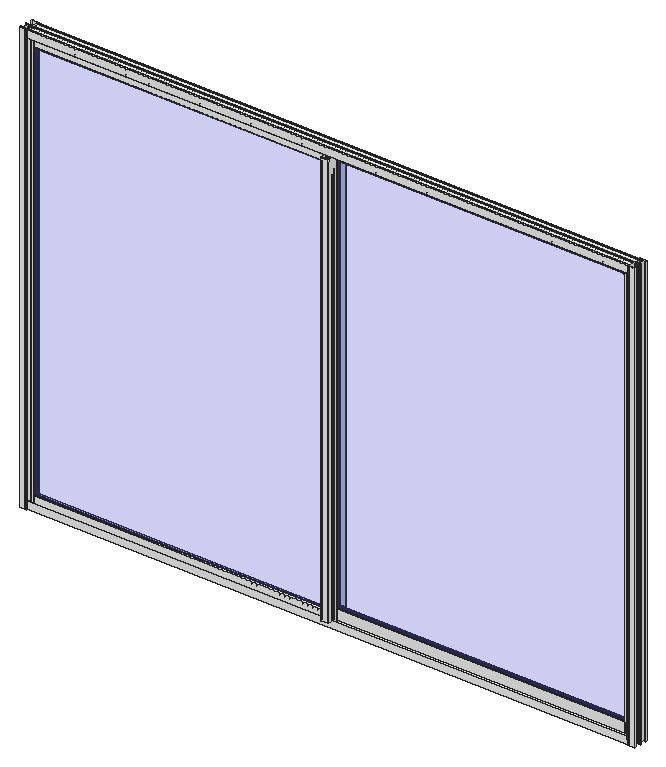
Revit family "700_XO_Standard", category Doors, host Wall, Revit 2014
Parameters (values of type "700-3021XO-1500Pa")
  Windload Design = if(Custom Windload < 1001 mm, 1000 mm, if(Custom Windload < 1501 mm, 1500 mm, 2000 mm))  # 1500 mm
  Width Sash Right [instance] = 1488.9 mm
  Width Sash Left [instance] = 1488.9 mm
  Width = if(Custom Door Width < Limit Door Width Min, Limit Door Width Min, if(Custom Door Width > Limit Door Width Max, Limit Door Width Max, Custom Door Width))  # 2990 mm
  Wall Thickness [instance] = 200 mm
  URL = "http://www.crealco.co.za/crealco-products.php"
  Toughened Safety U Value = 6.2
  Toughened Safety SHGC Value = 0.738
  Thermal Resistance (R) [instance] = if(IGDB or SAGDB Number = 100100, 1.0000 (m²·K)/W / Intruderprufe U Value, if(IGDB or SAGDB Number = 103200, 1.0000 (m²·K)/W / Intruderprufe LowE U Value, if(IGDB or SAGDB Number = 1000016, 1.0000 (m²·K)/W / Toughened Safety U Value, 1.0000 (m²·K)/W / 7.9))) * 1  # 0.126582 (m²·K)/W
  Standard Interlocker = not(Heavy Duty Interlocker)  # yes
  Solar Heat Gain Coefficient [instance] = if(IGDB or SAGDB Number = 100100, Intruderprufe SHGC Value, if(IGDB or SAGDB Number = 103200, Intruderprufe LowE SHGC Value, if(IGDB or SAGDB Number = 1000016, Toughened Safety SHGC Value, 0)))  # 0
  Sash Width Right = (Width - (2 mm * 20.7) - Sash Width Left) + 29.2 mm  # 1488.9 mm
  Sash Width Left = if(Equal Sash Width, ((Width - (2 mm * 20.7)) / 2) + 14.6 mm, if(Custom Sash Width Left < Limit Sash Width Left Min, Limit Sash Width Left Min, if(Custom Sash Width Left > Limit Sash Width Left Max, Limit Sash Width Left Max, Custom Sash Width Left)))  # 1488.9 mm
  Sash Height = Height - 22.2 mm - 20 mm  # 2047.8 mm
  Sash Frame Top Gap = 16 mm  # constant formula
  Sash Frame Side Gap = 10 mm  # constant formula
  Sash Frame Seal = 1.8 mm  # constant formula
  Rough Width = 2.5 mm
  Overall Width [instance] = 2990 mm
  Overall Height [instance] = 2090 mm
  Model = "Series 700"  # constant formula
  Max Pane Area = if(Area Right Sash Glazing > Area Left Sash Glazing, Area Right Sash Glazing, Area Left Sash Glazing)  # 2.82676 m²
  Manufacturer = "Crealco"  # constant formula
  Limit Door Width Min = (2 * Limit Sash Width Min) + (2 mm * 20.7) - 29.2 mm  # 612.2 mm
  Limit Door Width Max = if(Windload Design = 1000 mm, 2990 mm, if(Windload Design = 1500 mm, 2990 mm, 1790 mm))  # 2990 mm
  Limit Door Height Min = Limit Sash Height Min + (22.2 mm + 20 mm)  # 342.2 mm
  Limit Door Height Max = Limit Sash Height Max + (22.2 mm + 20 mm)  # 2142.2 mm
  Limit Sash Width Min = 300 mm  # constant formula
  Limit Sash Width Max = 1500 mm  # constant formula
  Limit Sash Width Left Min = if(Width - (2 mm * 20.7) - Limit Sash Width Max + 29.2 mm < Limit Sash Width Min, Limit Sash Width Min, Width - (2 mm * 20.7) - Limit Sash Width Max + 29.2 mm)  # 1477.8 mm
  Limit Sash Width Left Max = if(Width - (2 mm * 20.7) - Limit Sash Width Min + 29.2 mm > Limit Sash Width Max, Limit Sash Width Max, Width - (2 mm * 20.7) - Limit Sash Width Min + 29.2 mm)  # 1500 mm
  Limit Sash Height Min = 300 mm  # constant formula
  Limit Sash Height Max = 2100 mm  # constant formula
  Intruderprufe U Value = 6.1
  Intruderprufe SHGC Value = 0.699
  Intruderprufe LowE U Value = 4.51
  Intruderprufe LowE SHGC Value = 0.616
  Interlock Configuration = if(Windload Design = 1000 mm, if(not(Width > 1990 mm), 2 mm, 3 mm), if(Windload Design = 1500 mm, 3 mm, 3 mm))  # 3 mm
  IGDB or SAGDB Number [instance] = 0
  Height Sash [instance] = 2047.8 mm
  Height = if(Custom Door Height < Limit Door Height Min, Limit Door Height Min, if(Custom Door Height > Limit Door Height Max, Limit Door Height Max, Custom Door Height))  # 2090 mm
  Heavy Duty Interlocker = if(Interlock Configuration = 1 mm, 1 = 1, 1 = 0)  # no
  Heat Transfer Coefficient (U) [instance] = if(IGDB or SAGDB Number = 100100, Intruderprufe U Value, if(IGDB or SAGDB Number = 103200, Intruderprufe LowE U Value, if(IGDB or SAGDB Number = 1000016, Toughened Safety U Value, 7.9))) * 1.0000 W/(m²·K)  # 7.9000 W/(m²·K)
  Glazing Thickness [instance] = if(IGDB or SAGDB Number = 100100, 6 mm, if(IGDB or SAGDB Number = 103200, 7 mm, if(IGDB or SAGDB Number = 1000016, 5 mm, if(not(Max Pane Area > 0.75 m²), 4 mm, if(not(Max Pane Area > 1.50 m²), 4 mm, if(not(Max Pane Area > 2.10 m²), 5 mm, if(not(Max Pane Area > 2.90 m²), 6.4 mm, if(not(Max Pane Area > 4.30 m²), 8 mm, 10 mm))))))))  # 6.4 mm
  Glazing Material [instance] = if(IGDB or SAGDB Number = 100100, "PFG INTRUDERPRUFE 6.38mm", if(IGDB or SAGDB Number = 103200, "PFG INTRUDERPRUFE LOW-E 7.38mm", if(IGDB or SAGDB Number = 1000016, "PFG TOUGHENED SAFETY GLASS 5mm", "Unknown")))  # "Unknown"
  Glazing Finish [instance] = Glass
  Glazing Code [instance] = if(IGDB or SAGDB Number = 100100, "LAM01", if(IGDB or SAGDB Number = 103200, "LAM01E", if(IGDB or SAGDB Number = 1000016, "TSG5", "Unknown")))  # "Unknown"
  Frame Thickness = 71.9 mm  # constant formula
  Frame Offset From Exterior [instance] = Frame Thickness / 2  # 35.95 mm
  Equal Sash Width = 1 = 1  # yes
  Description = "Sliding door, XO"  # constant formula
  Default Sill Height = 0 mm  # constant formula
  Wall Closure = By host
  Custom Door Width = 2990 mm
  Custom Door Height = 2090 mm
  Custom Windload = 1500 mm
  Custom Sash Width Left = 600 mm
  Custom Frame Offset From Exterior = 0 mm
  Centered In Wall = 1 = 1  # yes
  Area Right Sash Glazing = (Sash Width Right - 31.2 mm - 19 mm) * (Sash Height - (41.5 mm * 2))  # 2.82676 m²
  Area Left Sash Glazing = (Sash Width Left - 52.3 mm - 19 mm) * (Sash Height - (41.5 mm * 2))  # 2.7853 m²
  Aluminium Finish [instance] = White Powder Coated Aluminium ANP 1052
  All Available Glazing Numbers [instance] = "The rows below list the available glazing materials for this window:"  # constant formula
  103200 [instance] = "LAM01E"  # constant formula
  100100 [instance] = "LAM01"  # constant formula
  1000016 [instance] = "TSG5"  # constant formula
Types (17, lengths in mm): name | Windload Design | Width Sash Right | Width Sash Left | Width | Toughened Safety U Value | Toughened Safety SHGC Value | Sash Width Right | Sash Width Left | Overall Width | Max Pane Area | Limit Door Width Max | Limit Sash Width Left Min | Limit Sash Width Left Max | Intruderprufe U Value | Intruderprufe SHGC Value | Intruderprufe LowE U Value | Intruderprufe LowE SHGC Value | Interlock Configuration | Glazing Thickness | Custom Door Width | Custom Windload | Area Right Sash Glazing | Area Left Sash Glazing
  (no name) | 1500 | 1488.9 | 1488.9 | 2990 | 6.2 | 0.738 | 1488.9 | 1488.9 | 2990 | 2.82676 m² | 2990 | 1477.8 | 1500 | 6.1 | 0.699 | 4.51 | 0.616 | 3 | 6.4 | 2990 | 1500 | 2.82676 m² | 2.7853 m²
  700-1521XO-1000Pa | 1000 | 738.9 | 738.9 | 1490 | 6.43 | 0.69 | 738.9 | 738.9 | 1490 | 1.35316 m² | 2990 | 300 | 1177.8 | 6.35 | 0.654 | 4.99 | 0.578 | 2 | 4 | 1490 | 1000 | 1.35316 m² | 1.3117 m²
  700-1521XO-1500Pa | 1500 | 738.9 | 738.9 | 1490 | 6.43 | 0.69 | 738.9 | 738.9 | 1490 | 1.35316 m² | 2990 | 300 | 1177.8 | 6.35 | 0.654 | 4.99 | 0.578 | 3 | 4 | 1490 | 1500 | 1.35316 m² | 1.3117 m²
  700-1521XO-2000Pa | 2000 | 738.9 | 738.9 | 1490 | 6.43 | 0.69 | 738.9 | 738.9 | 1490 | 1.35316 m² | 1790 | 300 | 1177.8 | 6.35 | 0.654 | 4.99 | 0.578 | 3 | 4 | 1490 | 2000 | 1.35316 m² | 1.3117 m²
  700-1821XO-1000Pa | 1000 | 738.9 | 738.9 | 1790 | 6.35 | 0.706 | 888.9 | 888.9 | 1490 | 1.64788 m² | 2990 | 300 | 1477.8 | 6.26 | 0.669 | 4.83 | 0.59 | 2 | 5 | 1790 | 1000 | 1.64788 m² | 1.60642 m²
  700-1821XO-1500Pa | 1500 | 738.9 | 738.9 | 1790 | 6.35 | 0.706 | 888.9 | 888.9 | 1490 | 1.64788 m² | 2990 | 300 | 1477.8 | 6.26 | 0.669 | 4.83 | 0.59 | 3 | 5 | 1790 | 1500 | 1.64788 m² | 1.60642 m²
  700-1821XO-2000Pa | 2000 | 738.9 | 738.9 | 1790 | 6.35 | 0.706 | 888.9 | 888.9 | 1490 | 1.64788 m² | 1790 | 300 | 1477.8 | 6.26 | 0.669 | 4.83 | 0.59 | 3 | 5 | 1790 | 2000 | 1.64788 m² | 1.60642 m²
  700-2021XO-1000Pa | 1000 | 738.9 | 738.9 | 1990 | 6.31 | 0.714 | 988.9 | 988.9 | 1490 | 1.84436 m² | 2990 | 477.8 | 1500 | 6.22 | 0.677 | 4.75 | 0.597 | 2 | 5 | 1990 | 1000 | 1.84436 m² | 1.8029 m²
  700-2021XO-1500Pa | 1500 | 738.9 | 738.9 | 1990 | 6.31 | 0.714 | 988.9 | 988.9 | 1490 | 1.84436 m² | 2990 | 477.8 | 1500 | 6.22 | 0.677 | 4.75 | 0.597 | 3 | 5 | 1990 | 1500 | 1.84436 m² | 1.8029 m²
  700-2121XO-1000Pa | 1000 | 738.9 | 738.9 | 2090 | 6.3 | 0.717 | 1038.9 | 1038.9 | 1490 | 1.9426 m² | 2990 | 577.8 | 1500 | 6.21 | 0.68 | 4.72 | 0.6 | 3 | 5 | 2090 | 1000 | 1.9426 m² | 1.90114 m²
  700-2121XO-1500Pa | 1500 | 738.9 | 738.9 | 2090 | 6.3 | 0.717 | 1038.9 | 1038.9 | 1490 | 1.9426 m² | 2990 | 577.8 | 1500 | 6.21 | 0.68 | 4.72 | 0.6 | 3 | 5 | 2090 | 1500 | 1.9426 m² | 1.90114 m²
  700-2421XO-1000Pa | 1000 | 738.9 | 738.9 | 2390 | 6.26 | 0.726 | 1188.9 | 1188.9 | 1490 | 2.23732 m² | 2990 | 877.8 | 1500 | 6.16 | 0.688 | 4.63 | 0.607 | 3 | 6.4 | 2390 | 1000 | 2.23732 m² | 2.19586 m²
  700-2421XO-1500Pa | 1500 | 738.9 | 738.9 | 2390 | 6.26 | 0.726 | 1188.9 | 1188.9 | 1490 | 2.23732 m² | 2990 | 877.8 | 1500 | 6.16 | 0.688 | 4.63 | 0.607 | 3 | 6.4 | 2390 | 1500 | 2.23732 m² | 2.19586 m²
  700-2721XO-1000Pa | 1000 | 738.9 | 738.9 | 2690 | 6.22 | 0.732 | 1338.9 | 1338.9 | 1490 | 2.53204 m² | 2990 | 1177.8 | 1500 | 6.13 | 0.694 | 4.56 | 0.612 | 3 | 6.4 | 2690 | 1000 | 2.53204 m² | 2.49058 m²
  700-2721XO-1500Pa | 1500 | 738.9 | 738.9 | 2690 | 6.22 | 0.732 | 1338.9 | 1338.9 | 1490 | 2.53204 m² | 2990 | 1177.8 | 1500 | 6.13 | 0.694 | 4.56 | 0.612 | 3 | 6.4 | 2690 | 1500 | 2.53204 m² | 2.49058 m²
  700-3021XO-1000Pa | 1000 | 738.9 | 738.9 | 2990 | 6.2 | 0.738 | 1488.9 | 1488.9 | 1490 | 2.82676 m² | 2990 | 1477.8 | 1500 | 6.1 | 0.699 | 4.51 | 0.616 | 3 | 6.4 | 2990 | 1000 | 2.82676 m² | 2.7853 m²
  700-3021XO-1500Pa | 1500 | 1488.9 | 1488.9 | 2990 | 6.2 | 0.738 | 1488.9 | 1488.9 | 2990 | 2.82676 m² | 2990 | 1477.8 | 1500 | 6.1 | 0.699 | 4.51 | 0.616 | 3 | 6.4 | 2990 | 1500 | 2.82676 m² | 2.7853 m²
Reference planes
  plane 1 "Center (Front/Back)": y = 0
  plane 2 "Center (Left/Right)": x = 0
  plane 3 "Left": x = -1495
  plane 4 "Right": x = 1495
  plane 5 "Sill": z = 0
  plane 6 "Head": z = 2090
  plane 7 "Exterior": y = 100
  plane 8 "Interior": y = -100
Lines and regions (mm)
  Opening 1
    outline origin (3500, -100, 0) x (1, 0, 0) y (0, 0, 1)
      loop
        line (-2005, 0) -> (-2005, 2090) -> (-4995, 2090) -> (-4995, 0) -> (-2005, 0)
Text (mm)
  text "EXTERIOR" at (-1963.203, 1332.353, 0), in view "Ref. Level"
  text "INTERIOR" at (-1981.466, -818.386, 0), in view "Ref. Level"
  text "Exterior" at (0, 923.751, 2943.296), in view "Right"
  text "Exterior" at (0, 1040.484, 2685.409), in view "Left"
Dimensions and locks
  equal spacing: plane 3 "Left", plane 2 "Center (Left/Right)", plane 4 "Right"
  "Width": plane 3 "Left" to plane 4 "Right"
  "Height": plane 5 "Sill" to plane 6 "Head"
  "Default Sill Height": plane 5 "Sill" to level
  locked: plane 7 "Exterior" to host wall at 0
  locked: plane 8 "Interior" to host wall
  "Overall Height": plane 6 "Head" to plane 5 "Sill"
  "Overall Width": plane 3 "Left" to plane 4 "Right"
  "Sash Frame Seal": nested 2 to nested 1
  "Sash Frame Side Gap": nested 1 to nested 2
  "Sash Frame Top Gap": nested 2 to nested 1
  "Sash Frame Side Gap": nested 3 to nested 1
  "Sash Frame Seal": nested 3 to nested 1
  "Sash Frame Top Gap": nested 3 to nested 1
  "Height Sash": nested 3 to nested 3
  "Width Sash Left": nested 3 to nested 3
  "Width Sash Right": nested 2 to nested 2
  "Frame Offset From Exterior": nested 1 to host wall
  "Wall Thickness": plane 8 "Interior" to plane 7 "Exterior"
  aligned and locked: nested 1 to plane 6 "Head"
  aligned and locked: nested 1 to plane 4 "Right"
Automatic sketch dimensions
  plane 3 "Left" to Opening 1 sketch curve = 0 mm
  plane 4 "Right" to Opening 1 sketch curve = 0 mm
  Opening 1 sketch curve to plane 5 "Sill" = 0 mm
  Opening 1 sketch curve to plane 6 "Head" = 0 mm
Nested families
  nested 1: "700_Frame_XO_Std" at (1648.674, -136.905, -20) x (-1, 0, 0) z (0, 0, 1), Width <- "Width", Height <- "Height", Profile Material <- "Aluminium Finish", type "700_Frame_XO_Std"
    with Width 2990 mm, Profile Material White Powder Coated Aluminium ANP 1052, Length Jamb 2090 mm, Length Head & Sill 2928 mm, Height 2090 mm
  nested 2: "700_Sash_XO_Fixed_XO_Std" at (-1474.3, -29.7, 20.046) x (-1, 0, 0) z (0, 0, 1), Profile Material <- "Aluminium Finish", Glazing Material <- "Glazing Finish", Glazing Thickness <- "Glazing Thickness", Sash Width <- "Sash Width Right", Sash Height <- "Sash Height", Interlock Configuration <- "Interlock Configuration", type "700_Sash_XO_Fixed_XO_Std"
    with Sash Width 1488.9 mm, Sash Height 2047.8 mm, Right Sliding no, Profile Material White Powder Coated Aluminium ANP 1052, Length Sash Head & Sill 1420.1 mm, Length Arrow Tip 140.232 mm, Length Arrow 462.767 mm, Left Sliding no, Is Sliding no, Is Heavy Duty Interlock no, Is Extra Heavy Duty Interlock yes, Interlock Configuration 3 mm, Glazing Width 1438.7 mm, Glazing Thickness 6.4 mm, Glazing Start -3.2 mm, Glazing Material Glass, Glazing Height 1964.8 mm, Glazing End 3.2 mm, Extra Heavy Duty Interlock Side Gap 1460.9 mm, Arrow Tip Length 140.232 mm, Arrow Left Gap 513.067 mm, Arrow Bottom Gap 1023.9 mm
  nested 3: "700_Sash_XO_Sliding_XO_Std" at (1474.3, 29.6, 20.046), Sash Width <- "Sash Width Left", Glazing Thickness <- "Glazing Thickness", Sash Height <- "Sash Height", Profile Material <- "Aluminium Finish", Glazing Material <- "Glazing Finish", Interlock Configuration <- "Interlock Configuration", type "700_Sash_XO_Sliding_XO_Std"
    with Sash Width 1488.9 mm, Sash Height 2047.8 mm, Right Sliding yes, Profile Material White Powder Coated Aluminium ANP 1052, Length Sash Head & Sill 1400.6 mm, Length Arrow Tip 140.232 mm, Length Arrow 462.767 mm, Left Sliding no, Is Sliding yes, Is Heavy Duty Interlock no, Is Extra Heavy Duty Interlock yes, Interlock Configuration 3 mm, Glazing Width 1417.6 mm, Glazing Thickness 6.4 mm, Glazing Start -3.2 mm, Glazing Material Glass, Glazing Height 1964.8 mm, Glazing End 3.2 mm, Extra Heavy Duty Interlock Side Gap 1460.9 mm, Arrow Tip Length 140.232 mm, Arrow Left Gap 513.067 mm, Arrow Bottom Gap 1023.9 mm
Definition of nested family "700_Frame_XO_Std"
  Parameters (values of type "700_Frame_XO")
    Width [instance] = 900 mm
    Profile Material [instance] = none
    Length Jamb [instance] = Height  # 600 mm
    Length Head & Sill [instance] = Width - 2 * 31 mm  # 838 mm
    Height [instance] = 600 mm
  Reference planes
    plane 1 "Center (Front/Back)": y = 0
    plane 2: z = 0
    plane 3 "Center (Left/Right)": x = 0
  Dimensions and locks
    aligned and locked: level to plane 2
    aligned and locked: nested 1 to nested 3  (x2)
    aligned and locked: nested 2 to nested 1  (x2)
    aligned and locked: nested 4 to nested 3  (x3)
    aligned and locked: nested 3 to nested 1
    aligned and locked: nested 1 to nested 2
  Nested families
    nested 1: "700_Frame_Sill" at (184.674, -177.548, 14.879), Length Frame Sill <- "Length Head & Sill", Profile Material <- "Profile Material", type "700_Frame_Sill"
      with Profile Material none, Length Frame Sill 838 mm
    nested 2: "700_Reversible_Frame_Jamb" at (1016.198, -178.809, 20), Length Reversible Frame Jamb <- "Length Jamb", Profile Material <- "Profile Material", type "700_Reversible_Frame_Jamb"
      with Profile Material none, Length Reversible Frame Jamb 600 mm
    nested 3: "700_Reversible_Frame_Jamb" at (191.151, -95, 20) x (-1, 0, 0) z (0, 0, 1), Length Reversible Frame Jamb <- "Length Jamb", Profile Material <- "Profile Material", type "700_Reversible_Frame_Jamb"
      with Profile Material none, Length Reversible Frame Jamb 600 mm
    nested 4: "700_Frame_Head" at (184.674, -197.457, 559.794), Length Frame Head <- "Length Head & Sill", Profile Material <- "Profile Material", type "700_Frame_Head"
      with Profile Material none, Length Frame Head 838 mm
  Definition of nested family "700_Frame_Sill"
    Parameters (values of type "700_Frame_Sill")
      Profile Material [instance] = none
      Length Frame Sill [instance] = 250 mm
    Reference planes
      plane 1 "Center (Front/Back)": y = 0
      plane 2: z = 0
      plane 3 "Center (Left/Right)": x = 0
    Forms (mm)
      Extrusion 1, solid, material <- "Profile Material"
        sketch origin (0, 0, 0) x (0, 1, 0) y (0, 0, 1)
          loop
            line (10.093, 16.234) -> (40.143, 17.595) -> (40.143, 6.521) -> (39.103, 6.521) -> (39.103, 5.121) -> (42.483, 5.121) -> (42.483, 6.521) -> (41.443, 6.521) -> (41.443, 17.654) -> (74.493, 19.151) -> (74.493, 6.521) -> (69.193, 6.521) -> (69.193, 5.121) -> (75.793, 5.121) -> (75.793, 41.121) -> (72.193, 41.121) -> (72.193, 38.671) -> (73.193, 38.671) -> (73.193, 39.571) -> (74.393, 39.571) -> (74.393, 32.671) -> (73.193, 32.671) -> (73.193, 33.571) -> (72.193, 33.571) -> (72.193, 31.121) -> (74.393, 31.121) -> (74.393, 20.348) -> (58.843, 19.644) -> (58.843, 21.621) -> (60.943, 21.621)
            arc (60.943, 21.621) -> (57.943, 24.621) -> (54.943, 21.621) r 3
            line (54.943, 21.621) -> (57.043, 21.621) -> (57.043, 19.562) -> (24.543, 18.09) -> (24.543, 21.621) -> (26.643, 21.621)
            arc (26.643, 21.621) -> (23.643, 24.621) -> (20.643, 21.621) r 3
            line (20.643, 21.621) -> (22.743, 21.621) -> (22.743, 18.008) -> (7.702, 17.327)
            arc (7.702, 17.327) -> (6.44, 16.802) -> (5.81, 15.588) r 2
            line (5.81, 15.588) -> (7.111, 15.588)
            arc (7.111, 15.588) -> (7.346, 15.967) -> (7.761, 16.128) r 0.7
            line (7.761, 16.128) -> (8.793, 16.175) -> (8.793, 5.121) -> (12.393, 5.121) -> (12.393, 6.521) -> (10.093, 6.521) -> (10.093, 16.234)
        from 0 to 250 <- "Length Frame Sill"
    Dimensions and locks
      aligned and locked: level to plane 2
  Definition of nested family "700_Reversible_Frame_Jamb"
    Parameters (values of type "700_Reversible_Frame_Jamb")
      Profile Material [instance] = none
      Length Reversible Frame Jamb [instance] = 250 mm
    Reference planes
      plane 1 "Center (Front/Back)": y = 0
      plane 2: z = 0
      plane 3 "Center (Left/Right)": x = 0
    Forms (mm)
      Extrusion 1, solid, material <- "Profile Material"
        sketch origin (0, 0, 0) x (1, 0, 0) y (0, 1, 0)
          loop
            line (36.076, 13.705) -> (36.076, 7.355) -> (7.676, 7.355) -> (7.676, 41.205) -> (15.976, 41.205)
            arc (15.976, 41.205) -> (16.33, 41.351) -> (16.476, 41.705) r 0.5
            line (16.476, 41.705) -> (16.476, 43.405) -> (26.776, 43.405) -> (26.776, 41.205) -> (36.076, 41.205) -> (36.076, 40.215) -> (37.476, 40.215) -> (37.476, 43.595) -> (36.076, 43.595) -> (36.076, 42.605) -> (27.976, 42.605) -> (27.976, 76.455) -> (36.076, 76.455) -> (36.076, 70.105) -> (37.476, 70.105) -> (37.476, 77.855) -> (5.659, 77.855) -> (5.659, 77.055) -> (6.476, 77.055) -> (6.476, 74.305)
            arc (6.476, 74.305) -> (6.769, 73.598) -> (7.476, 73.305) r 1
            line (7.476, 73.305) -> (8.926, 73.305) -> (8.926, 74.305) -> (8.026, 74.305) -> (8.026, 75.505) -> (9.226, 75.505) -> (9.226, 76.355) -> (13.726, 76.355) -> (13.726, 75.505) -> (14.926, 75.505) -> (14.926, 74.305) -> (14.026, 74.305) -> (14.026, 73.305) -> (16.476, 73.305) -> (16.476, 76.455) -> (26.776, 76.455) -> (26.776, 44.805) -> (14.026, 44.805) -> (14.026, 43.805) -> (14.926, 43.805) -> (14.926, 42.605) -> (8.026, 42.605) -> (8.026, 43.805) -> (8.926, 43.805) -> (8.926, 44.805) -> (7.476, 44.805)
            arc (7.476, 44.805) -> (6.769, 44.512) -> (6.476, 43.805) r 1
            line (6.476, 43.805) -> (6.476, 6.755) -> (5.656, 6.755) -> (5.656, 5.955) -> (37.476, 5.955) -> (37.476, 13.705) -> (36.076, 13.705)
        from 0 to 250 <- "Length Reversible Frame Jamb"
    Dimensions and locks
      aligned and locked: level to plane 2
  Definition of nested family "700_Frame_Head"
    Parameters (values of type "700_Frame_Head")
      Profile Material [instance] = none
      Length Frame Head [instance] = 250 mm
    Reference planes
      plane 1 "Center (Front/Back)": y = 0
      plane 2: z = 0
      plane 3 "Center (Left/Right)": x = 0
    Forms (mm)
      Extrusion 1, solid, material <- "Profile Material"
        sketch origin (0, 0, 0) x (0, 1, 0) y (0, 0, 1)
          loop
            line (60.002, 52.553) -> (60.002, 33.726) -> (57.802, 33.726) -> (57.802, 31.276) -> (58.802, 31.276) -> (58.802, 32.176) -> (60.002, 32.176) -> (60.002, 25.276) -> (58.802, 25.276) -> (58.802, 26.176) -> (57.802, 26.176) -> (57.802, 23.726) -> (63.602, 23.726) -> (63.602, 26.176) -> (62.602, 26.176) -> (62.602, 25.276) -> (61.402, 25.276) -> (61.402, 32.176) -> (62.602, 32.176) -> (62.602, 31.276) -> (63.602, 31.276) -> (63.602, 33.726) -> (61.402, 33.726) -> (61.402, 52.553)
            arc (61.402, 52.553) -> (61.842, 53.613) -> (62.902, 54.053) r 1.5
            line (62.902, 54.053) -> (92.802, 54.053)
            arc (92.802, 54.053) -> (93.863, 53.613) -> (94.302, 52.553) r 1.5
            line (94.302, 52.553) -> (94.302, 33.726) -> (92.102, 33.726) -> (92.102, 31.276) -> (93.102, 31.276) -> (93.102, 32.176) -> (94.302, 32.176) -> (94.302, 25.276) -> (93.102, 25.276) -> (93.102, 26.176) -> (92.102, 26.176) -> (92.102, 23.726) -> (95.702, 23.726) -> (95.702, 60.206) -> (88.902, 60.206) -> (88.902, 58.806) -> (94.302, 58.806) -> (94.302, 55.453) -> (61.402, 55.453) -> (61.402, 58.806) -> (62.392, 58.806) -> (62.392, 60.206) -> (59.012, 60.206) -> (59.012, 58.806) -> (60.002, 58.806) -> (60.002, 55.453) -> (27.102, 55.453) -> (27.102, 58.806) -> (32.502, 58.806) -> (32.502, 60.206) -> (25.702, 60.206) -> (25.702, 23.726) -> (29.302, 23.726) -> (29.302, 26.176) -> (28.302, 26.176) -> (28.302, 25.276) -> (27.102, 25.276) -> (27.102, 32.176) -> (28.302, 32.176) -> (28.302, 31.276) -> (29.302, 31.276) -> (29.302, 33.726) -> (27.102, 33.726) -> (27.102, 52.553)
            arc (27.102, 52.553) -> (27.542, 53.613) -> (28.602, 54.053) r 1.5
            line (28.602, 54.053) -> (58.502, 54.053)
            arc (58.502, 54.053) -> (59.563, 53.613) -> (60.002, 52.553) r 1.5
        from 0 to 250 <- "Length Frame Head"
    Dimensions and locks
      aligned and locked: level to plane 2
Definition of nested family "700_Sash_XO_Fixed_XO_Std"
  Parameters (values of type "700_Sash_XO_Fixed")
    Is Heavy Duty Interlock [instance] = if(Interlock Configuration = 2 mm, 1 = 1, 1 = 0)  # yes
    Is Extra Heavy Duty Interlock [instance] = if(Interlock Configuration = 3 mm, 1 = 1, 1 = 0)  # no
    Interlock Configuration [instance] = 2 mm
    Head & Sill Front Back Gap = 0.9 mm  # constant formula
    Sash Width [instance] = 600 mm
    Sash Height [instance] = 600 mm
    Right Sliding [instance] = yes
    Profile Material [instance] = White Powder Coated Aluminium ANP 1052
    Middle of Glazing = 25 mm / 2  # 12.5 mm
    Length Sash Head & Sill [instance] = Sash Width - 28 mm - 40.8 mm  # 531.2 mm
    Length Arrow Tip [instance] = Length Arrow / 3.3  # 50.444 mm
    Length Arrow [instance] = (Sash Width - (2 * 50.3 mm)) / 3  # 166.467 mm
    Left Sliding [instance] = yes
    Is Sliding [instance] = if(or(Right Sliding, Left Sliding), 1 = 1, 1 = 2)  # yes
    Head & Sill Side Gap = 40.8 mm  # constant formula
    Glazing Width [instance] = Sash Width - 31.2 mm - 19 mm  # 549.8 mm
    Glazing Thickness [instance] = 6.4 mm
    Glazing Start [instance] = -Glazing Thickness / 2  # -3.2 mm
    Glazing Material [instance] = Glass
    Glazing Height [instance] = Sash Height - (2 mm * 41.5)  # 517 mm
    Glazing End [instance] = Glazing Thickness / 2  # 3.2 mm
    Glazing Edge Jamb Gap = 31.2 mm  # constant formula
    Glazing Edge Bottom and Top Gap = 41.5 mm  # constant formula
    Extra Heavy Duty Interlock Side Gap [instance] = Sash Width - 28 mm  # 572 mm
    Arrow Tip Length [instance] = if((Sash Height - (2 * 50.3 mm)) / 8 > Length Arrow / 3.3, Length Arrow / 3.3, (Sash Height - (2 * 50.3 mm)) / 8)  # 50.444 mm
    Arrow Tip Angle = 45.00°  # constant formula
    Arrow Left Gap [instance] = (Sash Width - Length Arrow) / 2  # 216.767 mm
    Arrow Bottom Gap [instance] = Sash Height / 2  # 300 mm
  Reference planes
    plane 1 "Center (Front/Back)": y = 0
    plane 2: z = 0
    plane 3 "Center (Left/Right)": x = 0
    plane 4: y = -12.5
  Forms (mm)
    Extrusion 1, solid, material "Glass" <- "Glazing Material"
      sketch origin (-1127.187, -12.5, 1197.5) x (-1, 0, 0) y (0, 0, 1)
        loop
          line (-546.187, -639) -> (-1095.987, -639) -> (-1095.987, -1156) -> (-546.187, -1156) -> (-546.187, -639)
      from -3.2 <- "Glazing Start" to 3.2 <- "Glazing End"
  Lines and regions (mm)
    model lines, visible <- "Is Sliding"
      curve 1: line (-383.233, -15.7, 300) -> (-216.767, -15.7, 300)
    model lines, visible <- "Left Sliding"
      curve 2: line (-216.767, -15.7, 300) -> (-252.436, -15.7, 335.67)
      curve 3: line (-216.767, -15.7, 300) -> (-252.436, -15.7, 264.33)
    model lines, visible <- "Right Sliding"
      curve 4: line (-383.233, -15.7, 300) -> (-347.564, -15.7, 335.67)
      curve 5: line (-383.233, -15.7, 300) -> (-347.564, -15.7, 264.33)
  Dimensions and locks
    "Length Arrow": curve 1 to curve 1
    "Arrow Left Gap": plane 3 "Center (Left/Right)" to curve 1
    "Arrow Bottom Gap": level to curve 1
    "Arrow Tip Length": curve 3 to curve 2
    "Arrow Tip Length": curve 3 to curve 3
    "Length Arrow Tip": curve 5 to curve 5
    "Length Arrow Tip": curve 5 to curve 4
    "Middle of Glazing": plane 4 to plane 1 "Center (Front/Back)"
    "Sash Height": nested 2 to plane 2
    "Head & Sill Side Gap": plane 3 "Center (Left/Right)" to nested 2
    "Head & Sill Side Gap": plane 3 "Center (Left/Right)" to nested 3
    "Sash Width": nested 4 to plane 3 "Center (Left/Right)"
    "Head & Sill Front Back Gap": nested 3 to plane 1 "Center (Front/Back)"
    "Head & Sill Front Back Gap": nested 2 to plane 1 "Center (Front/Back)"
    "Glazing Edge Jamb Gap": Extrusion 1 to plane 3 "Center (Left/Right)"
    "Glazing Width": Extrusion 1 to Extrusion 1
    "Glazing Height": Extrusion 1 to Extrusion 1
    "Glazing Edge Bottom and Top Gap": Extrusion 1 to plane 2
    "Extra Heavy Duty Interlock Side Gap": nested 5 to plane 3 "Center (Left/Right)"
    "Arrow Tip Angle": angle curve 3 to curve 1
    "Arrow Tip Angle": angle curve 1 to curve 2
    "Arrow Tip Angle": angle curve 4 to curve 1
    "Arrow Tip Angle": angle curve 1 to curve 5
    aligned and locked: level to plane 2
    aligned and locked: plane 1 "Center (Front/Back)" to nested 4
    aligned and locked: nested 1 to plane 2
    aligned and locked: plane 3 "Center (Left/Right)" to nested 1
    aligned and locked: nested 3 to level
    aligned and locked: nested 1 to plane 1 "Center (Front/Back)"
    aligned and locked: plane 2 to nested 4
    aligned and locked: plane 1 "Center (Front/Back)" to nested 5
    aligned and locked: plane 2 to nested 5
  Automatic sketch dimensions
    Extrusion 1 sketch curve to plane 3 "Center (Left/Right)" = 31.2 mm
    level to Extrusion 1 sketch curve = 41.5 mm
    Extrusion 1 sketch curve to Extrusion 1 sketch curve = 549.8 mm
    Extrusion 1 sketch curve to Extrusion 1 sketch curve = 517 mm
  Nested families
    nested 1: "700_Fixed_Stile" at (3.94, -31.021, 0) x (0, 1, 0) z (0, 0, 1), Profile Material <- "Profile Material", Length Fixed Stile <- "Sash Height", type "700_Fixed_Stile"
      with Profile Material White Powder Coated Aluminium ANP 1052, Length Fixed Stile 600 mm
    nested 2: "700_Sash_Head_Rail" at (-572, -30.849, 492.975), Profile Material <- "Profile Material", Length Sash Head & Sill Rail <- "Length Sash Head & Sill", type "700_Sash_Head_Rail"
      with Profile Material White Powder Coated Aluminium ANP 1052, Length Sash Head & Sill Rail 531.2 mm
    nested 3: "700_Sash_Sill_Rail" at (-572, -30.849, -7.025), Profile Material <- "Profile Material", Length Sash Head & Sill Rail <- "Length Sash Head & Sill", type "700_Sash_Sill_Rail"
      with Profile Material White Powder Coated Aluminium ANP 1052, Length Sash Head & Sill Rail 531.2 mm
    nested 4: "700_Heavy_Duty_Interlock" at (-604.214, -36.241, 0) x (0, 1, 0) z (0, 0, 1), Profile Material <- "Profile Material", Length Heavu Duty Interlocker <- "Sash Height", visible <- "Is Heavy Duty Interlock", type "700_Heavy_Duty_Interlock"
      with Profile Material White Powder Coated Aluminium ANP 1052, Length Heavu Duty Interlocker 600 mm
    nested 5: "700_Extra_Heavy_Duty_Interlock" at (-566.986, -36.132, 0) x (-1, 0, 0) z (0, 0, 1), Profile Material <- "Profile Material", Length Extra Heavy Duty Interlock <- "Sash Height", visible <- "Is Extra Heavy Duty Interlock", type "700_Extra_Heavy_Duty_Interlock"
      with Profile Material White Powder Coated Aluminium ANP 1052, Length Extra Heavy Duty Interlock 600 mm
  Definition of nested family "700_Fixed_Stile"
    Parameters (values of type "700_Fixed_Stile")
      Profile Material [instance] = none
      Length Fixed Stile [instance] = 250 mm
    Reference planes
      plane 1 "Center (Front/Back)": y = 0
      plane 2: z = 0
      plane 3 "Center (Left/Right)": x = 0
    Forms (mm)
      Extrusion 1, solid, material <- "Profile Material"
        sketch origin (0, 0, 0) x (1, 0, 0) y (0, 1, 0)
          loop
            line (11.229, 43.34) -> (12.338, 39.2)
            arc (12.338, 39.2) -> (12.994, 38.744) -> (13.521, 39.345) r 0.6
            line (13.521, 39.345) -> (13.521, 44.74) -> (6.821, 44.74) -> (6.821, 45.54) -> (6.021, 45.54) -> (6.021, 3.94) -> (7.421, 3.94) -> (7.421, 28.74) -> (29.621, 28.74) -> (29.621, 3.94) -> (31.021, 3.94) -> (31.021, 45.54) -> (30.221, 45.54) -> (30.221, 44.74) -> (23.521, 44.74) -> (23.521, 39.345)
            arc (23.521, 39.345) -> (24.049, 38.744) -> (24.705, 39.2) r 0.6
            line (24.705, 39.2) -> (25.814, 43.34) -> (29.621, 43.34) -> (29.621, 30.14) -> (7.421, 30.14) -> (7.421, 43.34) -> (11.229, 43.34)
        from 0 to 250 <- "Length Fixed Stile"
    Dimensions and locks
      aligned and locked: level to plane 2
  Definition of nested family "700_Sash_Head_Rail"
    Parameters (values of type "700_Sash_Head_Rail")
      Profile Material [instance] = none
      Length Sash Head & Sill Rail [instance] = 250 mm
    Reference planes
      plane 1 "Center (Front/Back)": y = 0
      plane 2: z = 0
      plane 3 "Center (Left/Right)": x = 0
    Forms (mm)
      Extrusion 1, solid, material <- "Profile Material"
        sketch origin (0, 0, 0) x (0, 1, 0) y (0, 0, 1)
          loop
            line (24.799, 62.725) -> (23.399, 62.725) -> (23.399, 57.025) -> (26.819, 57.025)
            arc (26.819, 57.025) -> (27.319, 57.159) -> (27.685, 57.525) r 1
            line (27.685, 57.525) -> (29.949, 61.447) -> (29.949, 107.025) -> (28.549, 107.025) -> (28.549, 71.925) -> (8.249, 71.925) -> (8.249, 107.025) -> (6.849, 107.025) -> (6.849, 61.447) -> (9.114, 57.525)
            arc (9.114, 57.525) -> (9.48, 57.159) -> (9.98, 57.025) r 1
            line (9.98, 57.025) -> (13.399, 57.025) -> (13.399, 62.725) -> (11.999, 62.725) -> (11.999, 58.425) -> (10.209, 58.425) -> (8.249, 61.903) -> (8.249, 70.525) -> (28.549, 70.525) -> (28.509, 61.753) -> (26.588, 58.425) -> (24.799, 58.425) -> (24.799, 62.725)
        from 0 to 250 <- "Length Sash Head & Sill Rail"
    Dimensions and locks
      aligned and locked: level to plane 2
  Definition of nested family "700_Sash_Sill_Rail"
    Parameters (values of type "700_Sash_Sill_Rail")
      Profile Material [instance] = none
      Length Sash Head & Sill Rail [instance] = 250 mm
    Reference planes
      plane 1 "Center (Front/Back)": y = 0
      plane 2: z = 0
      plane 3 "Center (Left/Right)": x = 0
    Forms (mm)
      Extrusion 1, solid, material <- "Profile Material"
        sketch origin (0, 0, 0) x (0, 1, 0) y (0, 0, 1)
          loop
            line (24.799, 51.325) -> (24.799, 55.625) -> (26.588, 55.625) -> (28.509, 52.298) -> (28.549, 43.525) -> (8.249, 43.525) -> (8.249, 52.148) -> (10.209, 55.625) -> (11.999, 55.625) -> (11.999, 51.325) -> (13.399, 51.325) -> (13.399, 57.025) -> (9.98, 57.025)
            arc (9.98, 57.025) -> (9.48, 56.891) -> (9.114, 56.525) r 1
            line (9.114, 56.525) -> (6.849, 52.603) -> (6.849, 7.025) -> (8.249, 7.025) -> (8.249, 42.125) -> (28.549, 42.125) -> (28.549, 7.025) -> (29.949, 7.025) -> (29.949, 52.603) -> (27.685, 56.525)
            arc (27.685, 56.525) -> (27.319, 56.891) -> (26.819, 57.025) r 1
            line (26.819, 57.025) -> (23.399, 57.025) -> (23.399, 51.325) -> (24.799, 51.325)
        from 0 to 250 <- "Length Sash Head & Sill Rail"
    Dimensions and locks
      aligned and locked: level to plane 2
  Definition of nested family "700_Heavy_Duty_Interlock"
    Parameters (values of type "700_Heavy_Duty_Interlock")
      Profile Material [instance] = none
      Length Heavu Duty Interlocker [instance] = 250 mm
    Reference planes
      plane 1 "Center (Front/Back)": y = 0
      plane 2: z = 0
      plane 3 "Center (Left/Right)": x = 0
    Forms (mm)
      Extrusion 1, solid, material <- "Profile Material"
        sketch origin (0, 0, 0) x (1, 0, 0) y (0, 1, 0)
          loop
            line (13.041, 13.614) -> (13.041, 7.114)
            arc (13.041, 7.114) -> (13.481, 6.054) -> (14.541, 5.614) r 1.5
            line (14.541, 5.614) -> (62.241, 5.614) -> (62.241, 16.814) -> (14.841, 16.814) -> (14.841, 13.614) -> (13.041, 13.614)
          loop
            line (14.241, 4.214) -> (63.241, 4.214)
            arc (63.241, 4.214) -> (65.363, 5.093) -> (66.241, 7.214) r 3
            line (66.241, 7.214) -> (66.241, 15.214)
            arc (66.241, 15.214) -> (65.363, 17.336) -> (63.241, 18.214) r 3
            line (63.241, 18.214) -> (36.241, 18.214) -> (36.241, 33.314) -> (35.441, 33.314) -> (35.441, 32.214) -> (28.741, 32.214) -> (28.741, 26.823)
            arc (28.741, 26.823) -> (29.259, 26.22) -> (29.921, 26.659) r 0.6
            line (29.921, 26.659) -> (31.034, 30.814) -> (34.241, 30.814) -> (34.241, 18.214) -> (14.841, 18.214) -> (14.841, 23.914) -> (13.041, 23.914) -> (13.041, 30.814) -> (16.448, 30.814) -> (17.562, 26.659)
            arc (17.562, 26.659) -> (18.224, 26.22) -> (18.741, 26.823) r 0.6
            line (18.741, 26.823) -> (18.741, 32.214) -> (12.041, 32.214) -> (12.041, 33.314) -> (11.241, 33.314) -> (11.241, 21.014) -> (12.241, 21.014) -> (12.241, 22.214) -> (13.441, 22.214) -> (13.441, 15.314) -> (12.241, 15.314) -> (12.241, 16.514) -> (11.241, 16.514) -> (11.241, 11.764) -> (6.241, 11.764)
            arc (6.241, 11.764) -> (5.888, 11.911) -> (5.741, 12.264) r 0.5
            line (5.741, 12.264) -> (5.741, 15.764)
            arc (5.741, 15.764) -> (5.888, 16.118) -> (6.241, 16.264) r 0.5
            line (6.241, 16.264) -> (7.171, 16.264) -> (5.327, 23.885)
            arc (5.327, 23.885) -> (4.781, 24.26) -> (4.341, 23.765) r 0.5
            line (4.341, 23.765) -> (4.341, 11.864)
            arc (4.341, 11.864) -> (4.781, 10.804) -> (5.841, 10.364) r 1.5
            line (5.841, 10.364) -> (11.241, 10.364) -> (11.241, 7.214)
            arc (11.241, 7.214) -> (12.12, 5.093) -> (14.241, 4.214) r 3
        from 0 to 250 <- "Length Heavu Duty Interlocker"
      Extrusion 2, void
        sketch origin (63.241, 18.214, 0) x (1, 0, 0) y (0, 0, 1)
          loop
            line (-27, 250) -> (-27, 235.7) -> (8, 235.7) -> (8, 250) -> (-27, 250)
          loop
            line (-27, 0) -> (3, 0) -> (3, 16) -> (-27, 16) -> (-27, 0)
        from 0 to 250
    Cuts and joins
      Extrusion 2 cuts Extrusion 1
    Dimensions and locks
      locked: Extrusion 2 sketch curve to Extrusion 2 sketch curve at 14.3
      locked: Extrusion 2 sketch curve to Extrusion 2 sketch curve at 16
      aligned and locked: level to plane 2
      aligned and locked: Extrusion 1 to Extrusion 2 sketch curve
      aligned and locked: Extrusion 2 sketch curve to Extrusion 1
      aligned and locked: Extrusion 2 sketch curve to cut or joined group of Extrusion 1, Extrusion 2
      aligned and locked: cut or joined group of Extrusion 1, Extrusion 2 to Extrusion 2 sketch curve
  Definition of nested family "700_Extra_Heavy_Duty_Interlock"
    Parameters (values of type "700_Extra_Heavy_Duty_Interlock")
      Profile Material [instance] = none
      Length Extra Heavy Duty Interlock [instance] = 250 mm
    Reference planes
      plane 1 "Center (Front/Back)": y = 0
      plane 2: z = 0
      plane 3 "Center (Left/Right)": x = 0
    Forms (mm)
      Extrusion 1, solid, material <- "Profile Material"
        sketch origin (0, 0, 0) x (1, 0, 0) y (0, 1, 0)
          loop
            line (6.414, 16.339) -> (10.57, 17.452)
            arc (10.57, 17.452) -> (11.009, 18.114) -> (10.406, 18.631) r 0.6
            line (10.406, 18.631) -> (5.014, 18.631) -> (5.014, 11.932) -> (3.914, 11.932) -> (3.914, 11.132) -> (15.714, 11.132)
            arc (15.714, 11.132) -> (16.214, 11.632) -> (15.714, 12.132) r 0.5
            line (15.714, 12.132) -> (14.914, 12.132) -> (14.914, 13.332) -> (22.014, 13.332) -> (22.014, 12.132) -> (21.214, 12.132)
            arc (21.214, 12.132) -> (20.714, 11.632) -> (21.214, 11.132) r 0.5
            line (21.214, 11.132) -> (24.864, 11.132) -> (24.864, 9.98)
            arc (24.864, 9.98) -> (23.986, 7.858) -> (21.864, 6.98) r 3
            line (21.864, 6.98) -> (20.665, 6.98) -> (13.344, 5.217)
            arc (13.344, 5.217) -> (12.968, 4.671) -> (13.464, 4.232) r 0.5
            line (13.464, 4.232) -> (25.364, 4.232)
            arc (25.364, 4.232) -> (26.425, 4.671) -> (26.864, 5.732) r 1.5
            line (26.864, 5.732) -> (26.864, 11.132) -> (39.914, 11.132)
            arc (39.914, 11.132) -> (42.036, 12.01) -> (42.914, 14.132) r 3
            line (42.914, 14.132) -> (42.914, 63.132)
            arc (42.914, 63.132) -> (42.036, 65.253) -> (39.914, 66.132) r 3
            line (39.914, 66.132) -> (6.914, 66.132)
            arc (6.914, 66.132) -> (4.793, 65.253) -> (3.914, 63.132) r 3
            line (3.914, 63.132) -> (3.914, 35.332) -> (5.014, 35.332) -> (5.014, 28.632) -> (10.406, 28.632)
            arc (10.406, 28.632) -> (11.009, 29.149) -> (10.57, 29.811) r 0.6
            line (10.57, 29.811) -> (6.414, 30.924) -> (6.414, 34.132) -> (19.014, 34.132) -> (19.014, 14.732) -> (13.314, 14.732) -> (13.314, 12.932) -> (6.414, 12.932) -> (6.414, 16.339)
          loop
            line (37.914, 62.132) -> (8.914, 62.132)
            arc (8.914, 62.132) -> (6.793, 61.253) -> (5.914, 59.132) r 3
            line (5.914, 59.132) -> (5.914, 36.132) -> (40.914, 36.132) -> (40.914, 59.132)
            arc (40.914, 59.132) -> (40.036, 61.253) -> (37.914, 62.132) r 3
          loop
            line (23.415, 14.732) -> (37.914, 14.732)
            arc (37.914, 14.732) -> (40.036, 15.61) -> (40.914, 17.732) r 3
            line (40.914, 17.732) -> (40.914, 34.132) -> (20.415, 34.132) -> (20.415, 17.732)
            arc (20.415, 17.732) -> (21.294, 15.61) -> (23.415, 14.732) r 3
        from 0 to 250 <- "Length Extra Heavy Duty Interlock"
      Extrusion 2, void
        sketch origin (3.914, 63.132, 0) x (0, 1, 0) y (0, 0, 1)
          loop
            line (-27.8, 250) -> (-27.8, 235.7) -> (7.2, 235.7) -> (7.2, 250) -> (-27.8, 250)
          loop
            line (-27.8, 0) -> (4.737, 0) -> (4.737, 16) -> (-27.8, 16) -> (-27.8, 0)
        from 0 to 250
    Cuts and joins
      Extrusion 2 cuts Extrusion 1
    Dimensions and locks
      locked: Extrusion 1 to Extrusion 2 sketch curve at 14.3
      locked: Extrusion 2 sketch curve to Extrusion 2 sketch curve at 16
      aligned and locked: level to plane 2
      aligned and locked: Extrusion 2 sketch curve to Extrusion 1  (x2)
      aligned and locked: cut or joined group of Extrusion 1, Extrusion 2 to Extrusion 2 sketch curve  (x2)
Definition of nested family "700_Sash_XO_Sliding_XO_Std"
  Parameters (values of type "700_Sash_XO_Sliding")
    Is Heavy Duty Interlock [instance] = if(Interlock Configuration = 2 mm, 1 = 1, 1 = 0)  # yes
    Is Extra Heavy Duty Interlock [instance] = if(Interlock Configuration = 3 mm, 1 = 1, 1 = 0)  # no
    Interlock Configuration [instance] = 2 mm
    Head & Sill Front Back Gap = 0.9 mm  # constant formula
    Sash Width [instance] = 900 mm
    Sash Height [instance] = 1200 mm
    Right Sliding [instance] = yes
    Profile Material [instance] = White Powder Coated Aluminium ANP 1052
    Middle of Glazing = 25 mm / 2  # 12.5 mm
    Length Sash Head & Sill [instance] = Sash Width - 28 mm - 60.3 mm  # 811.7 mm
    Length Arrow Tip [instance] = Length Arrow / 3.3  # 80.747 mm
    Length Arrow [instance] = (Sash Width - (2 * 50.3 mm)) / 3  # 266.467 mm
    Left Sliding [instance] = yes
    Is Sliding [instance] = if(or(Right Sliding, Left Sliding), 1 = 1, 1 = 2)  # yes
    Head & Sill Side Gap = 60.3 mm  # constant formula
    Glazing Width [instance] = Sash Width - 52.3 mm - 19 mm  # 828.7 mm
    Glazing Thickness [instance] = 6.4 mm
    Glazing Start [instance] = -Glazing Thickness / 2  # -3.2 mm
    Glazing Material [instance] = Glass
    Glazing Height [instance] = Sash Height - (2 mm * 41.5)  # 1117 mm
    Glazing End [instance] = Glazing Thickness / 2  # 3.2 mm
    Glazing Edge Jamb Gap = 52.3 mm  # constant formula
    Glazing Edge Bottom and Top Gap = 41.5 mm  # constant formula
    Extra Heavy Duty Interlock Side Gap [instance] = Sash Width - 28 mm  # 872 mm
    Arrow Tip Length [instance] = if((Sash Height - (2 * 50.3 mm)) / 8 > Length Arrow / 3.3, Length Arrow / 3.3, (Sash Height - (2 * 50.3 mm)) / 8)  # 80.747 mm
    Arrow Tip Angle = 45.00°  # constant formula
    Arrow Left Gap [instance] = (Sash Width - Length Arrow) / 2  # 316.767 mm
    Arrow Bottom Gap [instance] = Sash Height / 2  # 600 mm
  Reference planes
    plane 1 "Center (Front/Back)": y = 0
    plane 2: z = 0
    plane 3 "Center (Left/Right)": x = 0
    plane 4: y = -12.5
  Forms (mm)
    Extrusion 1, solid, material "Glass" <- "Glazing Material"
      sketch origin (-1127.187, -12.5, 1197.5) x (-1, 0, 0) y (0, 0, 1)
        loop
          line (-246.187, -39) -> (-1074.887, -39) -> (-1074.887, -1156) -> (-246.187, -1156) -> (-246.187, -39)
      from -3.2 <- "Glazing Start" to 3.2 <- "Glazing End"
  Lines and regions (mm)
    model lines, visible <- "Is Sliding"
      curve 1: line (-583.233, -9.3, 600) -> (-316.767, -9.3, 600)
    model lines, visible <- "Left Sliding"
      curve 2: line (-316.767, -9.3, 600) -> (-373.864, -9.3, 657.097)
      curve 3: line (-316.767, -9.3, 600) -> (-373.864, -9.3, 542.903)
    model lines, visible <- "Right Sliding"
      curve 4: line (-583.233, -9.3, 600) -> (-526.136, -9.3, 657.097)
      curve 5: line (-583.233, -9.3, 600) -> (-526.136, -9.3, 542.903)
  Dimensions and locks
    "Length Arrow": curve 1 to curve 1
    "Arrow Left Gap": plane 3 "Center (Left/Right)" to curve 1
    "Arrow Bottom Gap": level to curve 1
    "Arrow Tip Length": curve 3 to curve 2
    "Arrow Tip Length": curve 3 to curve 3
    "Length Arrow Tip": curve 5 to curve 5
    "Length Arrow Tip": curve 5 to curve 4
    "Middle of Glazing": plane 4 to plane 1 "Center (Front/Back)"
    "Sash Height": nested 1 to plane 2
    "Head & Sill Side Gap": plane 3 "Center (Left/Right)" to nested 1
    "Head & Sill Side Gap": plane 3 "Center (Left/Right)" to nested 2
    "Sash Width": nested 3 to plane 3 "Center (Left/Right)"
    "Head & Sill Front Back Gap": nested 2 to plane 1 "Center (Front/Back)"
    "Head & Sill Front Back Gap": nested 1 to plane 1 "Center (Front/Back)"
    "Glazing Edge Jamb Gap": Extrusion 1 to plane 3 "Center (Left/Right)"
    "Glazing Width": Extrusion 1 to Extrusion 1
    "Glazing Height": Extrusion 1 to Extrusion 1
    "Glazing Edge Bottom and Top Gap": Extrusion 1 to plane 2
    "Extra Heavy Duty Interlock Side Gap": nested 4 to plane 3 "Center (Left/Right)"
    "Arrow Tip Angle": angle curve 3 to curve 1
    "Arrow Tip Angle": angle curve 1 to curve 2
    "Arrow Tip Angle": angle curve 4 to curve 1
    "Arrow Tip Angle": angle curve 1 to curve 5
    aligned and locked: level to plane 2
    aligned and locked: plane 1 "Center (Front/Back)" to nested 3
    aligned and locked: nested 2 to level
    aligned and locked: plane 2 to nested 3
    aligned and locked: plane 1 "Center (Front/Back)" to nested 4
    aligned and locked: plane 2 to nested 4
    aligned and locked: plane 3 "Center (Left/Right)" to nested 5
    aligned and locked: nested 5 to plane 1 "Center (Front/Back)"
    aligned and locked: nested 5 to plane 2
  Automatic sketch dimensions
    Extrusion 1 sketch curve to plane 3 "Center (Left/Right)" = 52.3 mm
    level to Extrusion 1 sketch curve = 41.5 mm
    Extrusion 1 sketch curve to Extrusion 1 sketch curve = 828.7 mm
    Extrusion 1 sketch curve to Extrusion 1 sketch curve = 1117 mm
  Nested families
    nested 1: "700_Sash_Head_Rail" at (-872, -30.849, 1092.975), Profile Material <- "Profile Material", Length Sash Head & Sill Rail <- "Length Sash Head & Sill", type "700_Sash_Head_Rail"
      with Profile Material White Powder Coated Aluminium ANP 1052, Length Sash Head & Sill Rail 811.7 mm
    nested 2: "700_Sash_Sill_Rail" at (-872, -30.849, -7.025), Profile Material <- "Profile Material", Length Sash Head & Sill Rail <- "Length Sash Head & Sill", type "700_Sash_Sill_Rail"
      with Profile Material White Powder Coated Aluminium ANP 1052, Length Sash Head & Sill Rail 811.7 mm
    nested 3: "700_Heavy_Duty_Interlock" at (-904.214, -36.241, 0) x (0, 1, 0) z (0, 0, 1), Profile Material <- "Profile Material", Length Heavu Duty Interlocker <- "Sash Height", visible <- "Is Heavy Duty Interlock", type "700_Heavy_Duty_Interlock"
      with Profile Material White Powder Coated Aluminium ANP 1052, Length Heavu Duty Interlocker 1200 mm
    nested 4: "700_Extra_Heavy_Duty_Interlock" at (-866.986, -36.132, 0) x (-1, 0, 0) z (0, 0, 1), Profile Material <- "Profile Material", Length Extra Heavy Duty Interlock <- "Sash Height", visible <- "Is Extra Heavy Duty Interlock", type "700_Extra_Heavy_Duty_Interlock"
      with Profile Material White Powder Coated Aluminium ANP 1052, Length Extra Heavy Duty Interlock 1200 mm
    nested 5: "700_Lock_Stile" at (-62.718, -28.931, 0), Profile Material <- "Profile Material", Length Lock Stile <- "Sash Height", type "700_Lock_Stile"
      with Profile Material White Powder Coated Aluminium ANP 1052, Length Lock Stile 1200 mm
  Definition of nested family "700_Sash_Head_Rail"
    Parameters (values of type "700_Sash_Head_Rail")
      Profile Material [instance] = none
      Length Sash Head & Sill Rail [instance] = 250 mm
    Reference planes
      plane 1 "Center (Front/Back)": y = 0
      plane 2: z = 0
      plane 3 "Center (Left/Right)": x = 0
    Forms (mm)
      Extrusion 1, solid, material <- "Profile Material"
        sketch origin (0, 0, 0) x (0, 1, 0) y (0, 0, 1)
          loop
            line (24.799, 62.725) -> (23.399, 62.725) -> (23.399, 57.025) -> (26.819, 57.025)
            arc (26.819, 57.025) -> (27.319, 57.159) -> (27.685, 57.525) r 1
            line (27.685, 57.525) -> (29.949, 61.447) -> (29.949, 107.025) -> (28.549, 107.025) -> (28.549, 71.925) -> (8.249, 71.925) -> (8.249, 107.025) -> (6.849, 107.025) -> (6.849, 61.447) -> (9.114, 57.525)
            arc (9.114, 57.525) -> (9.48, 57.159) -> (9.98, 57.025) r 1
            line (9.98, 57.025) -> (13.399, 57.025) -> (13.399, 62.725) -> (11.999, 62.725) -> (11.999, 58.425) -> (10.209, 58.425) -> (8.249, 61.903) -> (8.249, 70.525) -> (28.549, 70.525) -> (28.509, 61.753) -> (26.588, 58.425) -> (24.799, 58.425) -> (24.799, 62.725)
        from 0 to 250 <- "Length Sash Head & Sill Rail"
    Dimensions and locks
      aligned and locked: level to plane 2
  Definition of nested family "700_Sash_Sill_Rail"
    Parameters (values of type "700_Sash_Sill_Rail")
      Profile Material [instance] = none
      Length Sash Head & Sill Rail [instance] = 250 mm
    Reference planes
      plane 1 "Center (Front/Back)": y = 0
      plane 2: z = 0
      plane 3 "Center (Left/Right)": x = 0
    Forms (mm)
      Extrusion 1, solid, material <- "Profile Material"
        sketch origin (0, 0, 0) x (0, 1, 0) y (0, 0, 1)
          loop
            line (24.799, 51.325) -> (24.799, 55.625) -> (26.588, 55.625) -> (28.509, 52.298) -> (28.549, 43.525) -> (8.249, 43.525) -> (8.249, 52.148) -> (10.209, 55.625) -> (11.999, 55.625) -> (11.999, 51.325) -> (13.399, 51.325) -> (13.399, 57.025) -> (9.98, 57.025)
            arc (9.98, 57.025) -> (9.48, 56.891) -> (9.114, 56.525) r 1
            line (9.114, 56.525) -> (6.849, 52.603) -> (6.849, 7.025) -> (8.249, 7.025) -> (8.249, 42.125) -> (28.549, 42.125) -> (28.549, 7.025) -> (29.949, 7.025) -> (29.949, 52.603) -> (27.685, 56.525)
            arc (27.685, 56.525) -> (27.319, 56.891) -> (26.819, 57.025) r 1
            line (26.819, 57.025) -> (23.399, 57.025) -> (23.399, 51.325) -> (24.799, 51.325)
        from 0 to 250 <- "Length Sash Head & Sill Rail"
    Dimensions and locks
      aligned and locked: level to plane 2
  Definition of nested family "700_Heavy_Duty_Interlock"
    Parameters (values of type "700_Heavy_Duty_Interlock")
      Profile Material [instance] = none
      Length Heavu Duty Interlocker [instance] = 250 mm
    Reference planes
      plane 1 "Center (Front/Back)": y = 0
      plane 2: z = 0
      plane 3 "Center (Left/Right)": x = 0
    Forms (mm)
      Extrusion 1, solid, material <- "Profile Material"
        sketch origin (0, 0, 0) x (1, 0, 0) y (0, 1, 0)
          loop
            line (13.041, 13.614) -> (13.041, 7.114)
            arc (13.041, 7.114) -> (13.481, 6.054) -> (14.541, 5.614) r 1.5
            line (14.541, 5.614) -> (62.241, 5.614) -> (62.241, 16.814) -> (14.841, 16.814) -> (14.841, 13.614) -> (13.041, 13.614)
          loop
            line (14.241, 4.214) -> (63.241, 4.214)
            arc (63.241, 4.214) -> (65.363, 5.093) -> (66.241, 7.214) r 3
            line (66.241, 7.214) -> (66.241, 15.214)
            arc (66.241, 15.214) -> (65.363, 17.336) -> (63.241, 18.214) r 3
            line (63.241, 18.214) -> (36.241, 18.214) -> (36.241, 33.314) -> (35.441, 33.314) -> (35.441, 32.214) -> (28.741, 32.214) -> (28.741, 26.823)
            arc (28.741, 26.823) -> (29.259, 26.22) -> (29.921, 26.659) r 0.6
            line (29.921, 26.659) -> (31.034, 30.814) -> (34.241, 30.814) -> (34.241, 18.214) -> (14.841, 18.214) -> (14.841, 23.914) -> (13.041, 23.914) -> (13.041, 30.814) -> (16.448, 30.814) -> (17.562, 26.659)
            arc (17.562, 26.659) -> (18.224, 26.22) -> (18.741, 26.823) r 0.6
            line (18.741, 26.823) -> (18.741, 32.214) -> (12.041, 32.214) -> (12.041, 33.314) -> (11.241, 33.314) -> (11.241, 21.014) -> (12.241, 21.014) -> (12.241, 22.214) -> (13.441, 22.214) -> (13.441, 15.314) -> (12.241, 15.314) -> (12.241, 16.514) -> (11.241, 16.514) -> (11.241, 11.764) -> (6.241, 11.764)
            arc (6.241, 11.764) -> (5.888, 11.911) -> (5.741, 12.264) r 0.5
            line (5.741, 12.264) -> (5.741, 15.764)
            arc (5.741, 15.764) -> (5.888, 16.118) -> (6.241, 16.264) r 0.5
            line (6.241, 16.264) -> (7.171, 16.264) -> (5.327, 23.885)
            arc (5.327, 23.885) -> (4.781, 24.26) -> (4.341, 23.765) r 0.5
            line (4.341, 23.765) -> (4.341, 11.864)
            arc (4.341, 11.864) -> (4.781, 10.804) -> (5.841, 10.364) r 1.5
            line (5.841, 10.364) -> (11.241, 10.364) -> (11.241, 7.214)
            arc (11.241, 7.214) -> (12.12, 5.093) -> (14.241, 4.214) r 3
        from 0 to 250 <- "Length Heavu Duty Interlocker"
      Extrusion 2, void
        sketch origin (63.241, 18.214, 0) x (1, 0, 0) y (0, 0, 1)
          loop
            line (-27, 250) -> (-27, 235.7) -> (8, 235.7) -> (8, 250) -> (-27, 250)
        from 0 to 250
    Cuts and joins
      Extrusion 2 cuts Extrusion 1
    Dimensions and locks
      locked: Extrusion 2 sketch curve to Extrusion 2 sketch curve at 14.3
      aligned and locked: level to plane 2
      aligned and locked: Extrusion 1 to Extrusion 2 sketch curve
      aligned and locked: Extrusion 2 sketch curve to Extrusion 1
  Definition of nested family "700_Extra_Heavy_Duty_Interlock"
    Parameters (values of type "700_Extra_Heavy_Duty_Interlock")
      Profile Material [instance] = none
      Length Extra Heavy Duty Interlock [instance] = 250 mm
    Reference planes
      plane 1 "Center (Front/Back)": y = 0
      plane 2: z = 0
      plane 3 "Center (Left/Right)": x = 0
    Forms (mm)
      Extrusion 1, solid, material <- "Profile Material"
        sketch origin (0, 0, 0) x (1, 0, 0) y (0, 1, 0)
          loop
            line (6.414, 16.339) -> (10.57, 17.452)
            arc (10.57, 17.452) -> (11.009, 18.114) -> (10.406, 18.631) r 0.6
            line (10.406, 18.631) -> (5.014, 18.631) -> (5.014, 11.932) -> (3.914, 11.932) -> (3.914, 11.132) -> (15.714, 11.132)
            arc (15.714, 11.132) -> (16.214, 11.632) -> (15.714, 12.132) r 0.5
            line (15.714, 12.132) -> (14.914, 12.132) -> (14.914, 13.332) -> (22.014, 13.332) -> (22.014, 12.132) -> (21.214, 12.132)
            arc (21.214, 12.132) -> (20.714, 11.632) -> (21.214, 11.132) r 0.5
            line (21.214, 11.132) -> (24.864, 11.132) -> (24.864, 9.98)
            arc (24.864, 9.98) -> (23.986, 7.858) -> (21.864, 6.98) r 3
            line (21.864, 6.98) -> (20.665, 6.98) -> (13.344, 5.217)
            arc (13.344, 5.217) -> (12.968, 4.671) -> (13.464, 4.232) r 0.5
            line (13.464, 4.232) -> (25.364, 4.232)
            arc (25.364, 4.232) -> (26.425, 4.671) -> (26.864, 5.732) r 1.5
            line (26.864, 5.732) -> (26.864, 11.132) -> (39.914, 11.132)
            arc (39.914, 11.132) -> (42.036, 12.01) -> (42.914, 14.132) r 3
            line (42.914, 14.132) -> (42.914, 63.132)
            arc (42.914, 63.132) -> (42.036, 65.253) -> (39.914, 66.132) r 3
            line (39.914, 66.132) -> (6.914, 66.132)
            arc (6.914, 66.132) -> (4.793, 65.253) -> (3.914, 63.132) r 3
            line (3.914, 63.132) -> (3.914, 35.332) -> (5.014, 35.332) -> (5.014, 28.632) -> (10.406, 28.632)
            arc (10.406, 28.632) -> (11.009, 29.149) -> (10.57, 29.811) r 0.6
            line (10.57, 29.811) -> (6.414, 30.924) -> (6.414, 34.132) -> (19.014, 34.132) -> (19.014, 14.732) -> (13.314, 14.732) -> (13.314, 12.932) -> (6.414, 12.932) -> (6.414, 16.339)
          loop
            line (37.914, 62.132) -> (8.914, 62.132)
            arc (8.914, 62.132) -> (6.793, 61.253) -> (5.914, 59.132) r 3
            line (5.914, 59.132) -> (5.914, 36.132) -> (40.914, 36.132) -> (40.914, 59.132)
            arc (40.914, 59.132) -> (40.036, 61.253) -> (37.914, 62.132) r 3
          loop
            line (23.415, 14.732) -> (37.914, 14.732)
            arc (37.914, 14.732) -> (40.036, 15.61) -> (40.914, 17.732) r 3
            line (40.914, 17.732) -> (40.914, 34.132) -> (20.415, 34.132) -> (20.415, 17.732)
            arc (20.415, 17.732) -> (21.294, 15.61) -> (23.415, 14.732) r 3
        from 0 to 250 <- "Length Extra Heavy Duty Interlock"
      Extrusion 2, void
        sketch origin (3.914, 63.132, 0) x (0, 1, 0) y (0, 0, 1)
          loop
            line (-27.8, 250) -> (-27.8, 235.7) -> (7.2, 235.7) -> (7.2, 250) -> (-27.8, 250)
        from 0 to 250
    Cuts and joins
      Extrusion 2 cuts Extrusion 1
    Dimensions and locks
      locked: Extrusion 1 to Extrusion 2 sketch curve at 14.3
      aligned and locked: level to plane 2
      aligned and locked: Extrusion 2 sketch curve to Extrusion 1  (x2)
  Definition of nested family "700_Lock_Stile"
    Parameters (values of type "700_Lock_Stile")
      Profile Material [instance] = none
      Length Lock Stile [instance] = 250 mm
    Reference planes
      plane 1 "Center (Front/Back)": y = 0
      plane 2: z = 0
      plane 3 "Center (Left/Right)": x = 0
    Forms (mm)
      Extrusion 1, solid, material <- "Profile Material"
        sketch origin (0, 0, 0) x (1, 0, 0) y (0, 1, 0)
          loop
            line (48.218, 5.331) -> (48.218, 27.531) -> (16.818, 27.531) -> (16.818, 5.331) -> (48.218, 5.331)
          loop
            line (7.962, 22.613) -> (3.818, 23.724) -> (3.818, 27.531) -> (15.418, 27.531) -> (15.418, 5.331) -> (3.818, 5.331) -> (3.818, 9.138) -> (7.962, 10.248)
            arc (7.962, 10.248) -> (8.413, 10.911) -> (7.802, 11.43) r 0.6
            line (7.802, 11.43) -> (2.418, 11.43) -> (2.418, 4.731) -> (1.618, 4.731) -> (1.618, 3.931) -> (62.718, 3.931) -> (62.718, 5.331) -> (49.718, 5.331) -> (49.718, 27.531) -> (62.718, 27.531) -> (62.718, 28.931) -> (1.618, 28.931) -> (1.618, 28.131) -> (2.418, 28.131) -> (2.418, 21.431) -> (7.802, 21.431)
            arc (7.802, 21.431) -> (8.413, 21.95) -> (7.962, 22.613) r 0.6
        from 0 to 250 <- "Length Lock Stile"
    Dimensions and locks
      aligned and locked: level to plane 2
